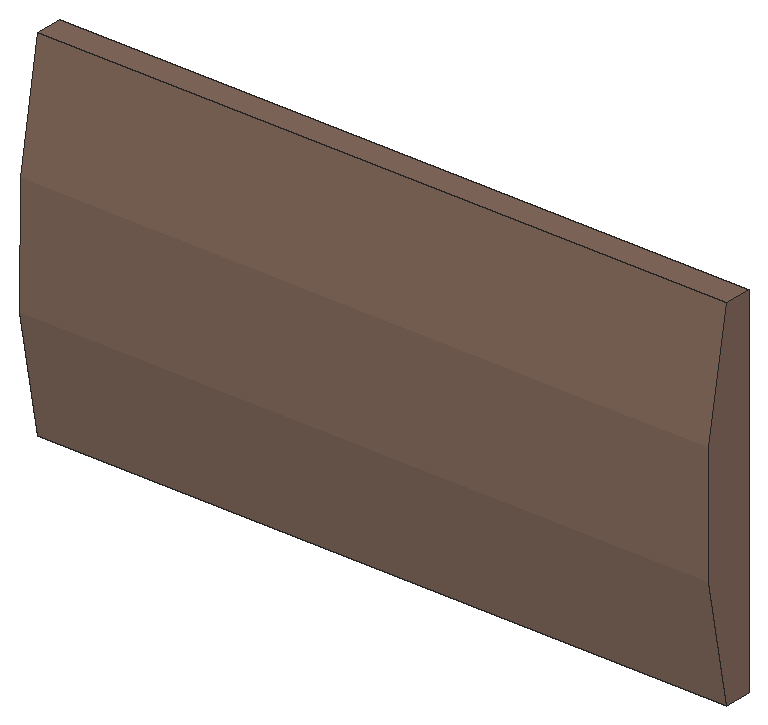
Revit family "Furniture_Chair_Abaco 757", category Furniture, Revit 2019
Family settings
  OmniClass Number = 23.21.23.15.17
  Work Plane-Based = Yes
  Always vertical = No
  Cut with Voids When Loaded = No
  Shared = No
  Room Calculation Point = No
Parameters (values of type "ABACO 757")
  Youtube clip = ""
  Uniformat II Description = "Movable Furnishings"
  Uniformat II Code = ""
  Uniclass 2015 Name = ""
  Uniclass 2015 Code = ""
  Uniclass 2.0 Description = ""
  Uniclass 2.0 Code = ""
  Uniclass 1.4 Description = ""
  Uniclass 1.4 Code = ""
  UNSPSC Code = ""
  Technical description = ""
  Shell Material = Leather - Percentage AK016
  Frame Material = Titanium
  Region South America = "All"
  Region Oceania = "All"
  Region North America = "All"
  Region Middle East = "All"
  Region Europe = "All"
  Region Asia = "All"
  Region Antarctica = "All"
  Region Africa = "All"
  QR code = "https://www.sandlerseating.com/product/abaco-757/"
  Product url = "https://www.sandlerseating.com/product/abaco-757/"
  Product name = "ABACO 757"
  Product group = "Chair"
  Product family = "Furniture"
  Product data url = "https://www.sandlerseating.com/product/abaco-757/"
  Product certification = ""
  Product SKU = "??"
  Product Guid = "??"
  OmniClass Description = ""
  OmniClass Code = "23-21 23 15 17"
  NBS Reference Description = ""
  NBS Reference Code = ""
  Model = "ABACO 757"
  Masterformat 2014 Description = "Chair Mats"
  Masterformat 2014 Code = "12 48 43.13"
  Manufacturer name = "Sandler"
  Manufacturer country = "USA"
  Manufacturer = "Sandler"
  Installation instructions = ""
  IFC Classification = "Furnishing Element"
  GTIN code = ""
  Edition number = 1
  Design country = "Brasil"
  Description = "Chair"
  Default Elevation = 0.000 mm
  Date of publishing = ""
  COBIe Type Category = ""
  Brand url = "https://www.sandlerseating.com/"
  BIMobject main category code = "furniture"
  BIMobject main category = "Furniture"
  BIMobject category code = "furniture-chair"
  BIMobject category = "Chair"
Reference planes
  plane 1 "Center Front/Back": y = 0
  plane 2: z = 0
  plane 3 "Center Left/Right": x = 0
  plane 4: x = 325
  plane 5: x = -325
  plane 6: z = 340
  plane 7: y = -50
Forms (mm)
  Extrusion 1, solid, material "Leather - Percentage AK016" <- "Shell Material"
    sketch origin (0, 0, 0) x (1, 0, 0) y (0, 0, 1)
      loop
        line (-325, 340) -> (-325, 0) -> (325, 0) -> (325, 340) -> (-325, 340)
    from 0 to 50
  Extrusion 2, void
    sketch origin (0, 0, 0) x (0, 1, 0) y (0, 0, 1)
      loop
        line (-25, 340) -> (-65, 340) -> (-65, 0) -> (-25, 0)
        arc (-25, 0) -> (-48.738, 170) -> (-25, 340) r 620.601
    from -600 to 600
Cuts and joins
  Extrusion 2 cuts Extrusion 1
Dimensions and locks
  aligned and locked: level to plane 2
  aligned and locked: plane 4 to cut or joined group of Extrusion 1, Extrusion 2
  aligned and locked: cut or joined group of Extrusion 1, Extrusion 2 to plane 5
